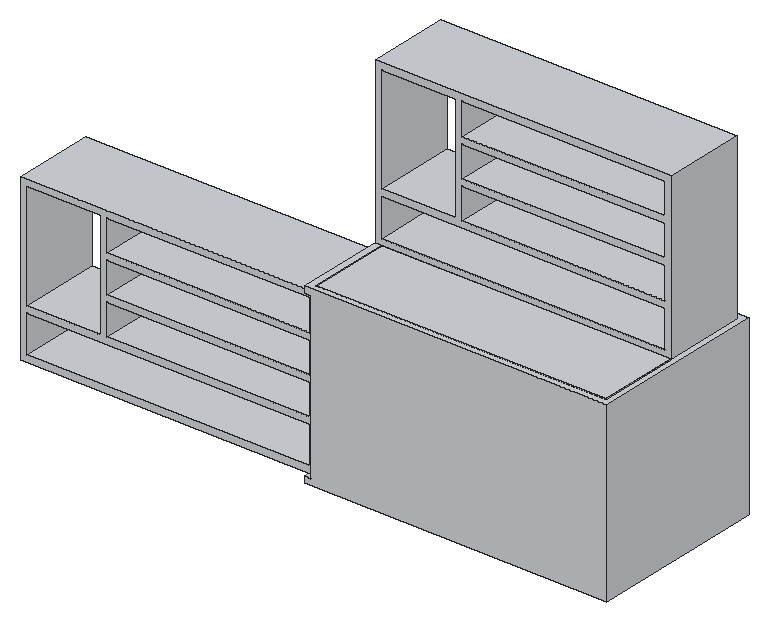
Revit family
Parameters
  spessore = 25 mm
  profonitàsc = profondità / 4 - spessore / 2  # 162.5 mm
  profondità = 700 mm
  prof comp 2 = larghezza - 2 * spessore  # 1150 mm
  prof comp = larghezza - spessore  # 1175 mm
  larghezza = 1200 mm
  kiave = larghezza / 2  # 600 mm
  chiuso2 = no
  chiuso = no
  apertura 2 = if(chiuso2, spessore, altezza - spessore)  # 675 mm
  apertura = if(chiuso, 0 mm, larghezza - spessore * 2)  # 1150 mm
  altezza = 700 mm
  altcomp1 = altcomp 2 - spessore  # 650 mm
  altcomp 2 = altezza - spessore  # 675 mm
  1/2larghezza = larghezza / 2 - spessore / 2  # 587.5 mm
Reference planes
  plane 1 "Center (Front/Back)": y = 0
  plane 2: z = 0
  plane 3 "Center (Left/Right)": x = 0
  plane 4: y = 350
  plane 5: y = -350
  plane 6: x = -600
  plane 7: x = 600
  plane 8: y = 325
  plane 9: x = 575
  plane 10: y = -325
  plane 11: x = -575
  plane 12: z = 700
  plane 13 "plani toke": z = 25
  plane 14: z = 675
  plane 15: z = 700
  plane 16: x = -550
  plane 17: x = 600
Forms (mm)
  Extrusion 1, solid
    sketch origin (0, 0, 0) x (1, 0, 0) y (0, 1, 0)
      loop
        line (-600, 350) -> (-600, -350) -> (600, -350) -> (600, 350) -> (-600, 350)
      loop
        line (-575, 325) -> (-575, -325) -> (575, -325) -> (575, 325) -> (-575, 325)
    from 0 to 700
  Extrusion 2, solid
    sketch origin (0, 0, 0) x (1, 0, 0) y (0, 1, 0)
      loop
        line (-575, 325) -> (-575, -325) -> (575, -325) -> (575, 325) -> (-575, 325)
    from 0 to 25 <- "spessore"
  Extrusion 3, void
    sketch origin (-600, -350, 0) x (0, -1, 0) y (0, 0, -1)
      loop
        line (-790, -675) -> (135, -675) -> (135, -25) -> (-790, -25) -> (-790, -675)
    from 0 to 25 <- "spessore"
  Extrusion 4, solid
    sketch origin (-600, -405, 675) x (1, 0, 0) y (0, 1, 0)
      loop
        line (1175, 80) -> (1175, 405) -> (25, 405) -> (25, 80) -> (1175, 80)
    from 0 to 25 <- "spessore"
Cuts and joins
  Extrusion 3 cuts Extrusion 1
Dimensions and locks
  "spessore": plane 6 to plane 11
  "spessore": plane 9 to plane 7
  "spessore": plane 4 to plane 8
  "spessore": plane 10 to plane 5
  equal spacing: plane 8, plane 1 "Center (Front/Back)", plane 10
  equal spacing: plane 11, plane 3 "Center (Left/Right)", plane 9
  "larghezza": plane 6 to plane 7
  "profondità": plane 4 to plane 5
  "altezza": plane 12 to level
  "spessore": plane 14 to plane 15
  "spessore": plane 13 "plani toke" to level
  "kiave": plane 3 "Center (Left/Right)" to plane 17
  "apertura": plane 16 to plane 17
  "apertura": nested 1 to Extrusion 4
  "apertura 2": Extrusion 2 to nested 2
  aligned and locked: Extrusion 1 sketch curve to plane 4
  aligned and locked: plane 6 to Extrusion 1 sketch curve
  aligned and locked: plane 5 to Extrusion 1 sketch curve
  aligned and locked: Extrusion 1 sketch curve to plane 7
  aligned and locked: Extrusion 1 sketch curve to plane 8
  aligned and locked: Extrusion 1 sketch curve to plane 11
  aligned and locked: plane 10 to Extrusion 1 sketch curve
  aligned and locked: Extrusion 1 sketch curve to plane 9
  aligned and locked: plane 12 to Extrusion 1
  aligned and locked: plane 15 to plane 12
  aligned and locked: Extrusion 2 to Extrusion 1  (x3)
  aligned and locked: plane 13 "plani toke" to Extrusion 2
  aligned and locked: cut or joined group of Extrusion 1, Extrusion 3 to plane 13 "plani toke"
  aligned and locked: plane 14 to cut or joined group of Extrusion 1, Extrusion 3
  aligned and locked: Extrusion 4 to cut or joined group of Extrusion 1, Extrusion 3  (x3)
  aligned and locked: nested 1 to plane 1 "Center (Front/Back)"
  aligned: nested 2 to cut or joined group of Extrusion 1, Extrusion 3
Automatic sketch dimensions
  Extrusion 2 sketch curve to plane 3 "Center (Left/Right)" = 575 mm
  plane 3 "Center (Left/Right)" to Extrusion 2 sketch curve = 575 mm
  plane 1 "Center (Front/Back)" to Extrusion 2 sketch curve = 325 mm
  Extrusion 2 sketch curve to Extrusion 2 sketch curve = 650 mm
  Extrusion 1 to Extrusion 3 sketch curve = 90 mm
  Extrusion 3 sketch curve to Extrusion 3 sketch curve = 925 mm
  Extrusion 3 sketch curve to Extrusion 1 = 25 mm  (x2)
  plane 16 to Extrusion 4 sketch curve = 1125 mm
  Extrusion 4 sketch curve to plane 3 "Center (Left/Right)" = 575 mm
  Extrusion 4 sketch curve to plane 1 "Center (Front/Back)" = 0 mm
  plane 1 "Center (Front/Back)" to Extrusion 4 sketch curve = 325 mm
Nested families
  nested 1: "scafale1000" at (-1162.5, -162.5, 25), type "scafale1000"
    with spessore mensola 25 mm, profondità 162.5 mm, muro 25 mm, 1/2larghezza 587.5 mm, anta sinistra 293.75 mm, altezza 650 mm
  nested 2: "scafale1000" at (-12.5, 162.5, 700), type "scafale1000"
    with spessore mensola 25 mm, profondità 162.5 mm, muro 25 mm, 1/2larghezza 587.5 mm, anta sinistra 293.75 mm, altezza 650 mm
Definition of nested family "scafale1000"
  Parameters
    spessore mensola = 30 mm
    scafale = 500 mm
    profondità = 400 mm
    muro = 20 mm
    Default Elevation = 1219.2 mm
    1/2larghezza = 1000 mm
    anta sinistra = [1/2larghezza] / 2  # 500 mm
    altezza = 2000 mm
  Reference planes
    plane 1 "Center (Front/Back)": y = 0
    plane 2: z = 0
    plane 3 "Center (Left/Right)": x = 0
    plane 4: x = -1000
    plane 5: x = 1000
    plane 6: y = 400
    plane 7: y = -400
    plane 8: z = 2000
    plane 9: z = 1515
    plane 10: z = 1030
    plane 11: z = 545
    plane 12: x = -970
    plane 13: x = 970
    plane 14: z = 30
    plane 15: z = 1970
    plane 16: x = -470
    plane 17: x = -440
    plane 18: z = 1485
    plane 19: z = 1000
    plane 20: z = 515
    plane 21: y = -3000
    plane 22: y = 440
  Forms (mm)
    Extrusion 1, solid
      sketch origin (0, 0, 0) x (1, 0, 0) y (0, 1, 0)
        loop
          line (-1000, 400) -> (-1000, -400) -> (1000, -400) -> (1000, 400) -> (-1000, 400)
      from 0 to 2000
    Extrusion 2, void
      sketch origin (0, 0, 0) x (1, 0, 0) y (0, 0, 1)
        loop
          line (-970, 1970) -> (-970, 545) -> (-470, 545) -> (-470, 1970) -> (-970, 1970)
        loop
          line (-970, 515) -> (-970, 30) -> (970, 30) -> (970, 515) -> (-970, 515)
        loop
          line (-440, 1970) -> (-440, 1515) -> (970, 1515) -> (970, 1970) -> (-440, 1970)
        loop
          line (-440, 1485) -> (-440, 1030) -> (970, 1030) -> (970, 1485) -> (-440, 1485)
        loop
          line (-440, 1000) -> (-440, 545) -> (970, 545) -> (970, 1000) -> (-440, 1000)
      from -440 to 3000
  Cuts and joins
    Extrusion 2 cuts Extrusion 1
  Dimensions and locks
    equal spacing: plane 6, plane 1 "Center (Front/Back)", plane 7
    "profondità": plane 6 to plane 1 "Center (Front/Back)"
    equal spacing: plane 4, plane 3 "Center (Left/Right)", plane 5
    "1/2larghezza": plane 4 to plane 3 "Center (Left/Right)"
    "altezza": level to plane 8
    "spessore mensola": plane 8 to plane 15
    "spessore mensola": plane 13 to plane 5
    "spessore mensola": plane 12 to plane 4
    "spessore mensola": plane 14 to level
    "spessore mensola": plane 17 to plane 16
    "spessore mensola": plane 9 to plane 18
    "spessore mensola": plane 10 to plane 19
    "spessore mensola": plane 11 to plane 20
    plane 22 to cut or joined group of Extrusion 1, Extrusion 2 = 40 mm
    cut or joined group of Extrusion 1, Extrusion 2 to plane 21 = 2600 mm
    equal spacing: plane 14, plane 20, plane 19, plane 18, plane 15
    cut or joined group of Extrusion 1, Extrusion 2 to cut or joined group of Extrusion 1, Extrusion 2 = 500 mm
    "anta sinistra": plane 12 to plane 16
    aligned and locked: Extrusion 1 sketch curve to plane 6
    aligned and locked: Extrusion 1 sketch curve to plane 4
    aligned and locked: plane 7 to Extrusion 1 sketch curve
    aligned and locked: plane 5 to Extrusion 1 sketch curve
    aligned and locked: Extrusion 1 to plane 8
    aligned and locked: plane 12 to Extrusion 2 sketch curve
    aligned and locked: Extrusion 2 sketch curve to plane 15
    aligned and locked: Extrusion 2 sketch curve to plane 16
    aligned and locked: plane 11 to Extrusion 2 sketch curve  (x2)
    aligned and locked: Extrusion 2 sketch curve to plane 20
    aligned and locked: Extrusion 2 sketch curve to Extrusion 2 sketch curve
    aligned and locked: Extrusion 2 sketch curve to plane 14
    aligned and locked: plane 13 to Extrusion 2 sketch curve
    aligned and locked: plane 15 to Extrusion 2 sketch curve
    aligned and locked: Extrusion 2 sketch curve to plane 17
    aligned and locked: Extrusion 2 sketch curve to plane 9
    aligned and locked: plane 17 to Extrusion 2 sketch curve  (x4)
    aligned and locked: Extrusion 2 sketch curve to plane 18
    aligned and locked: Extrusion 2 sketch curve to plane 13  (x2)
    aligned and locked: plane 10 to Extrusion 2 sketch curve
    aligned and locked: Extrusion 2 sketch curve to plane 19
    aligned and locked: plane 22 to cut or joined group of Extrusion 1, Extrusion 2
    aligned and locked: Extrusion 2 to plane 21
  Automatic sketch dimensions
    Extrusion 2 sketch curve to plane 17 = 0 mm
    Extrusion 2 sketch curve to plane 13 = 0 mm
    plane 18 to Extrusion 2 sketch curve = 0 mm
